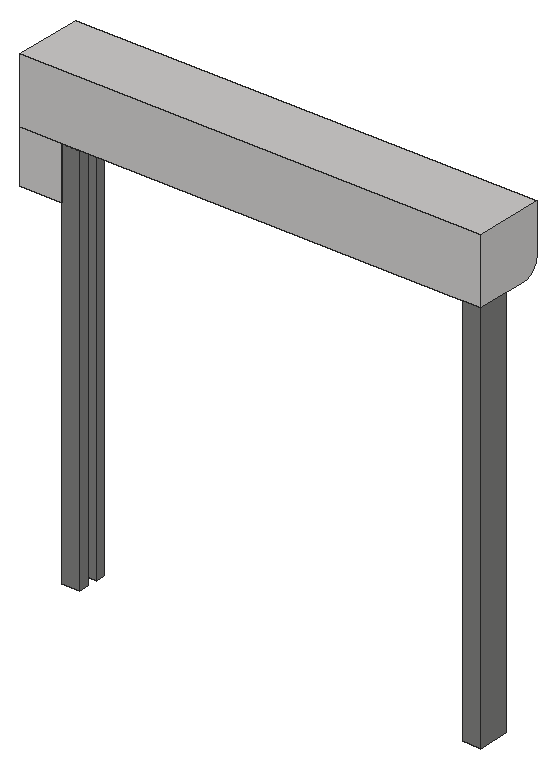
Revit family "AQ0022_Profil linteau réduit FIRST", category Portes, Revit 2024
Family settings
  Hôte = Mur
  Numéro OmniClass = 23.30.10.00
  Titre OmniClass = Doors
  Toujours verticalement = Oui
  Couper avec des vides une fois chargée = Non
  Partagée = Non
  Repère de localisation dans la pièce = Non
Parameters
  Profondeur_Montant_Industrie = 95 mm
  Position Ouvert [instance] = yes
  Position Fermée [instance] = not(Position Ouvert)  # no
  Largeur_Montant_Industrie = 160 mm
  Hauteur_Volet = 341.5 mm
  Hauteur_Ouverture_Porte = 1320 mm
  Hauteur_Boite_Elec = 1000 mm
  Haut_Volet_Roulant = 391 mm
  Fonction = Intérieur
  Projection - Ext. de l'encadrement = 25 mm
  Projection Int. de l'encadrement = 25 mm
  Largeur du cadre = 75 mm
  Height [instance] = 2010.5 mm
  Fermeture du mur = Par hôte
  Width [instance] = 2000 mm
  Ebrasement = 20 mm
  Définir les propriétés thermiques par = Type schématique
  Dim_Boite_Elec_Largeur = 400 mm
  Dim_Boit_Elec_Longueur = 400 mm
  Decalage_Boite_Elec = 200 mm
  Construction analytique = "<Aucun>"
Reference planes
  plane 1: y = 0
  plane 2 "Centre (gauche/droite)": x = 0
  plane 3 "Gauche": x = -1000
  plane 4 "Droite": x = 1000
  plane 5: z = 2010.5
  plane 6 "Extérieur": y = 75
  plane 7 "Intérieur": y = -75
  plane 8: y = 235
  plane 9: x = -1095
  plane 10: y = 235
  plane 11: x = 1095
  plane 12: y = 155
  plane 13: y = 155
  plane 14: z = 2401.5
  plane 15: z = 2060
  plane 16: x = -1310
  plane 17: y = 155.5
Forms (mm)
  Extrusion 1, solid, material "Acier"
    sketch origin (0, 0, 0) x (1, 0, 0) y (0, 1, 0)
      loop
        line (1095, 235) -> (1000, 235) -> (1000, 185) -> (1078, 185) -> (1078, 125) -> (1000, 125) -> (1000, 75) -> (1095, 75) -> (1095, 235)
      loop
        line (-1000, 75) -> (-1000, 125) -> (-1078, 125) -> (-1078, 185) -> (-1000, 185) -> (-1000, 235) -> (-1095, 235) -> (-1095, 75) -> (-1000, 75)
    from 0 to 2060
  Extrusion 2, solid, material "Acier fin"
    sketch origin (0, 0, 0) x (0, 1, 0) y (0, 0, 1)
      loop
        line (327, 2060) -> (75, 2060) -> (75, 1784) -> (236.788, 1784) -> (327, 2060)
    from -1310 to -1095
  Extrusion 3, solid, material "Bleu", visible <- "Position Fermée"
    sketch origin (0, 75, 0) x (1, 0, 0) y (0, 0, 1)
      loop
        line (1071.5, 2060) -> (-1071.5, 2060) -> (-1071.5, 0) -> (1071.5, 0) -> (1071.5, 2060)
      loop
        line (921.5, 1720) -> (75, 1720) -> (75, 1320) -> (921.5, 1320) -> (921.5, 1720)
      loop
        line (-75, 1720) -> (-921.5, 1720) -> (-921.5, 1320) -> (-75, 1320) -> (-75, 1720)
    from -79.5 to -80.5
  Extrusion 4, solid, material "Noir", visible <- "Position Fermée"
    sketch origin (0, 0, 0) x (0, 1, 0) y (0, 0, 1)
      loop
        line (155.5, 0) -> (166, 0) -> (166, 232.5) -> (156.5, 251.17) -> (156.5, 270) -> (155.5, 270) -> (155.5, 0)
    from -1071.5 to 1071.5
  Extrusion 5, solid, material "Noir", visible <- "Position Fermée"
    sketch origin (0, 0, 250) x (0, 1, 0) y (0, 0, 1)
      loop
        line (155, 86) -> (156.5, 86) -> (156.5, 106) -> (166, 123.5) -> (166, 158.5) -> (156.5, 177.17) -> (156.5, 196) -> (155, 196) -> (155, 86)
    from -1071.5 to 1071.5
  Extrusion 6, solid, material "Noir", visible <- "Position Fermée"
    sketch origin (0, 0, 1090) x (0, 1, 0) y (0, 0, 1)
      loop
        line (155, 86) -> (156.5, 86) -> (156.5, 106) -> (166, 123.5) -> (166, 158.5) -> (156.5, 177.17) -> (156.5, 196) -> (155, 196) -> (155, 86)
    from -1071.5 to 1071.5
  Extrusion 7, solid, material "Noir", visible <- "Position Fermée"
    sketch origin (0, 0, 1670) x (0, 1, 0) y (0, 0, 1)
      loop
        line (155.5, 86) -> (156.5, 86) -> (156.5, 106) -> (166, 123.5) -> (166, 158.5) -> (156.5, 177.17) -> (156.5, 196) -> (155.5, 196) -> (155.5, 86)
    from -1071.5 to 1078
  Extrusion 8, solid, material "Noir", visible <- "Position Ouvert"
    sketch origin (0, 0, 2293) x (0, 1, 0) y (0, 0, 1)
      loop
        line (155.5, -282.5) -> (156.5, -282.5) -> (156.5, -262.5) -> (166, -245) -> (166, -210) -> (156.5, -191.33) -> (156.5, -172.5) -> (155.5, -172.5) -> (155.5, -282.5)
    from -1078 to 1078
  Extrusion 9, solid, material "Bleu", visible <- "Position Ouvert"
    sketch origin (0, 75, -2660) x (1, 0, 0) y (0, 0, 1)
      loop
        line (1071.5, 4720) -> (-1071.5, 4720) -> (-1071.5, 4670.5) -> (1071.5, 4670.5) -> (1071.5, 4720)
    from -79.5 to -80.5
  Extrusion 10, solid, material "Acier fin"
    sketch origin (0, 0, 0) x (0, 1, 0) y (0, 0, 1)
      loop
        line (75, 2060) -> (356.5, 2060)
        arc (356.5, 2060) -> (413.069, 2083.431) -> (436.5, 2140) r 80
        line (436.5, 2140) -> (436.5, 2401.5) -> (75, 2401.5) -> (75, 2060)
    from -1310 to 1095
Lines and regions (mm)
  Opening 1
    outline origin (-3050, -75, 0) x (1, 0, 0) y (0, 0, 1)
      loop
        line (2050, 0) -> (4050, 0) -> (4050, 2010.5) -> (2050, 2010.5) -> (2050, 0)
  symbolic lines, style "Sens d'ouverture de l'élévation"
    curve 1: line (1000, -75, 1005.25) -> (-1000, -75, 2010.5)
    curve 2: line (1000, -75, 1005.25) -> (-1000, -75, 0)
Text (mm)
  text "Extérieur" at (-2295.016, 1099.543, 0), in view "Niveau de réf."
  text "Extérieur" at (0, 1615.38, 3698.081), in view "Gauche"
  text "Extérieur" at (0, 1036.032, 3874.932), in view "Droite"
Dimensions and locks
  equal spacing: plane 3 "Gauche", plane 2 "Centre (gauche/droite)", plane 4 "Droite"
  "Width": plane 3 "Gauche" to plane 4 "Droite"
  "Height": plane 5 to host wall
  equal spacing: host wall, curve 2, plane 5
  host wall to plane 5 = 2010.5 mm
  locked: plane 6 "Extérieur" to host wall
  locked: plane 7 "Intérieur" to host wall
  "Profondeur_Montant_Industrie": plane 9 to plane 3 "Gauche"
  "Profondeur_Montant_Industrie": plane 4 "Droite" to plane 11
  "Largeur_Montant_Industrie": plane 6 "Extérieur" to plane 8
  "Largeur_Montant_Industrie": plane 6 "Extérieur" to plane 10
  equal spacing: plane 6 "Extérieur", plane 12, plane 10
  equal spacing: plane 8, plane 13, plane 6 "Extérieur"
  locked: plane 6 "Extérieur" to Extrusion 1 sketch curve at 50  (x2)
  locked: Extrusion 1 sketch curve to plane 10 at 50
  locked: Extrusion 1 sketch curve to plane 11 at 17
  locked: plane 8 to Extrusion 1 sketch curve at 50
  locked: plane 9 to Extrusion 1 sketch curve at 17
  "Haut_Volet_Roulant": plane 5 to plane 14
  "Hauteur_Volet": plane 15 to plane 14
  locked: plane 16 to plane 9 at 215
  locked: plane 15 to Extrusion 2 sketch curve at 276
  locked: plane 4 "Droite" to Extrusion 3 sketch curve at 71.5
  locked: Extrusion 3 sketch curve to plane 3 "Gauche" at 71.5
  locked: Extrusion 3 sketch curve to Extrusion 3 sketch curve at 150  (x3)
  locked: Extrusion 3 sketch curve to Extrusion 3 sketch curve at 400  (x2)
  "Hauteur_Ouverture_Porte": Extrusion 3 sketch curve to Extrusion 3 sketch curve
  locked: plane 17 to plane 13 at 0.5
  locked: plane 17 to Extrusion 4 sketch curve at 10.5
  locked: Extrusion 4 sketch curve to Extrusion 4 sketch curve at 18.83
  locked: Extrusion 4 sketch curve to Extrusion 4 sketch curve at 37.5
  locked: plane 17 to Extrusion 4 sketch curve at 1
  locked: Extrusion 5 sketch curve to Extrusion 5 sketch curve at 110
  locked: Extrusion 5 sketch curve to Extrusion 5 sketch curve at 18.83
  locked: Extrusion 5 sketch curve to Extrusion 5 sketch curve at 20
  locked: Extrusion 5 sketch curve to Extrusion 5 sketch curve at 35
  locked: Extrusion 5 sketch curve to Extrusion 5 sketch curve at 37.5
  Extrusion 5 sketch curve to Extrusion 5 sketch curve = 37.5 mm
  locked: Extrusion 6 sketch curve to Extrusion 6 sketch curve at 110
  locked: Extrusion 6 sketch curve to Extrusion 6 sketch curve at 18.83
  locked: Extrusion 6 sketch curve to Extrusion 6 sketch curve at 20
  locked: Extrusion 6 sketch curve to Extrusion 6 sketch curve at 35
  locked: Extrusion 6 sketch curve to Extrusion 6 sketch curve at 37.5
  Extrusion 6 sketch curve to Extrusion 6 sketch curve = 37.5 mm
  locked: Extrusion 7 sketch curve to Extrusion 7 sketch curve at 110
  locked: Extrusion 7 sketch curve to Extrusion 7 sketch curve at 18.83
  locked: Extrusion 7 sketch curve to Extrusion 7 sketch curve at 20
  locked: Extrusion 7 sketch curve to Extrusion 7 sketch curve at 35
  locked: Extrusion 7 sketch curve to Extrusion 7 sketch curve at 37.5
  Extrusion 7 sketch curve to Extrusion 7 sketch curve = 37.5 mm
  locked: Extrusion 6 to Extrusion 7 at 470
  locked: Extrusion 5 to Extrusion 6 at 730
  Extrusion 4 to Extrusion 5 = 66 mm
  locked: Extrusion 8 sketch curve to Extrusion 8 sketch curve at 110
  locked: Extrusion 8 sketch curve to Extrusion 8 sketch curve at 18.83
  locked: Extrusion 8 sketch curve to Extrusion 8 sketch curve at 20
  locked: Extrusion 8 sketch curve to Extrusion 8 sketch curve at 35
  locked: Extrusion 8 sketch curve to Extrusion 8 sketch curve at 37.5
  Extrusion 8 sketch curve to Extrusion 8 sketch curve = 37.5 mm
  locked: Extrusion 9 sketch curve to plane 9 at 23.5
  locked: plane 11 to Extrusion 9 sketch curve at 23.5
  host wall to Extrusion 10 sketch curve = 361.5 mm
  locked: Extrusion 1 to Extrusion 2 sketch curve at 252
  Extrusion 4 sketch curve to level = 270 mm
  Extrusion 5 sketch curve to Extrusion 4 = 66 mm
  aligned and locked: plane 3 "Gauche" to Opening 1 sketch curve
  aligned and locked: plane 5 to Opening 1 sketch curve  (x2)
  aligned and locked: Opening 1 sketch curve to plane 4 "Droite"
  aligned and locked: Opening 1 sketch curve to level
  aligned and locked: plane 5 to curve 1
  aligned and locked: plane 3 "Gauche" to curve 2
  aligned and locked: plane 1 to host wall
  aligned and locked: plane 3 "Gauche" to curve 1
  aligned and locked: Extrusion 1 sketch curve to plane 10
  aligned and locked: Extrusion 1 sketch curve to plane 6 "Extérieur"  (x2)
  aligned and locked: Extrusion 1 sketch curve to plane 4 "Droite"  (x2)
  aligned and locked: Extrusion 1 sketch curve to plane 11
  aligned and locked: Extrusion 1 sketch curve to plane 9
  aligned and locked: Extrusion 1 sketch curve to plane 8
  aligned and locked: Extrusion 1 sketch curve to plane 3 "Gauche"
  aligned and locked: Extrusion 1 to plane 15
  aligned and locked: plane 15 to Extrusion 2 sketch curve
  aligned and locked: host wall to Extrusion 2 sketch curve
  aligned and locked: plane 16 to Extrusion 2
  aligned and locked: plane 9 to Extrusion 2
  aligned and locked: Extrusion 3 sketch curve to level
  aligned and locked: Extrusion 3 sketch curve to plane 15
  aligned and locked: Extrusion 3 sketch curve to Extrusion 3 sketch curve
  aligned and locked: plane 17 to Extrusion 3
  aligned and locked: Extrusion 4 sketch curve to plane 17
  aligned and locked: Extrusion 4 to Extrusion 3
  aligned and locked: Extrusion 3 to Extrusion 4
  aligned and locked: Extrusion 5 sketch curve to Extrusion 5 sketch curve
  aligned and locked: Extrusion 3 to Extrusion 5
  aligned and locked: Extrusion 5 to Extrusion 3
  aligned and locked: Extrusion 6 sketch curve to Extrusion 6 sketch curve
  aligned and locked: Extrusion 6 to Extrusion 3
  aligned and locked: Extrusion 3 to Extrusion 6
  aligned and locked: plane 13 to Extrusion 6
  aligned and locked: plane 13 to Extrusion 5
  aligned and locked: Extrusion 7 sketch curve to Extrusion 7 sketch curve
  aligned and locked: Extrusion 7 to Extrusion 1
  aligned and locked: Extrusion 3 to Extrusion 7
  aligned and locked: Extrusion 7 to Extrusion 3
  aligned and locked: Extrusion 4 sketch curve to level
  aligned and locked: Extrusion 8 sketch curve to Extrusion 8 sketch curve
  aligned and locked: Extrusion 8 to Extrusion 1  (x2)
  aligned and locked: Extrusion 8 to Extrusion 3
  aligned and locked: Extrusion 9 sketch curve to plane 15
  aligned and locked: Extrusion 9 sketch curve to plane 5
  aligned and locked: Extrusion 10 sketch curve to plane 15
  aligned and locked: host wall to Extrusion 10 sketch curve
  aligned and locked: Extrusion 10 sketch curve to plane 14
  aligned and locked: plane 11 to Extrusion 10
  aligned and locked: plane 16 to Extrusion 10
Automatic sketch dimensions
  curve 2 to level = 0 mm
  plane 4 "Droite" to curve 2 = 0 mm
  Extrusion 1 sketch curve to plane 3 "Gauche" = 0 mm
  Extrusion 5 sketch curve to plane 12 = 0 mm
  plane 17 to Extrusion 5 sketch curve = 1 mm
  plane 17 to Extrusion 5 sketch curve = 10.5 mm
  Extrusion 6 sketch curve to plane 12 = 0 mm
  plane 17 to Extrusion 6 sketch curve = 1 mm
  plane 17 to Extrusion 6 sketch curve = 10.5 mm
  level to Extrusion 6 sketch curve = 1176 mm
  Extrusion 7 sketch curve to plane 17 = 0 mm
  plane 17 to Extrusion 7 sketch curve = 1 mm
  plane 17 to Extrusion 7 sketch curve = 10.5 mm
  plane 5 to Extrusion 7 sketch curve = 254.5 mm
  plane 5 to Extrusion 8 sketch curve = 0 mm
  Extrusion 8 sketch curve to plane 17 = 0 mm
  plane 17 to Extrusion 8 sketch curve = 1 mm
  plane 17 to Extrusion 8 sketch curve = 10.5 mm
  Extrusion 10 sketch curve to Extrusion 10 sketch curve = 80 mm
  plane 8 to Extrusion 2 sketch curve = 1.788 mm
  Extrusion 3 sketch curve to plane 2 "Centre (gauche/droite)" = 75 mm
